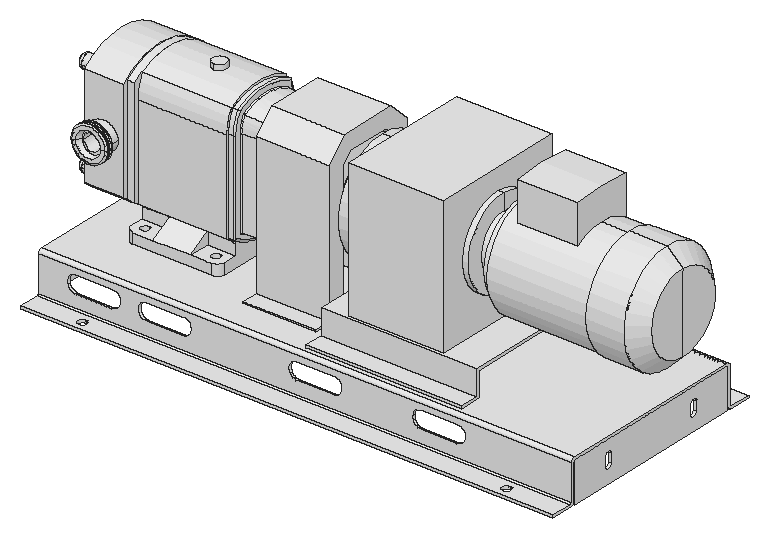
Revit family "MLP 20 - MR202 - Lobe Pump ", category Specialty Equipment, Revit 2022
Family settings
  Round Connector Dimension = Use Diameter
  Part Type = Normal
  Work Plane-Based = No
  Always vertical = Yes
  Cut with Voids When Loaded = No
  Maintain Annotation Orientation = No
  Shared = No
  Room Calculation Point = No
Parameters (values of type "MLP 20 - 0.75kW")
  URL = "https://en.ekinendustriyel.com/lobe-pumps/lobe-pumps"
  Pressure = 20.0 bar  # constant formula
  Motor Power = 0.75 kW  # constant formula
  Model = "MLP-20 TUL - MR202"
  Manufacturer = "Ekin Endüstriyel"
  Keynote = "Double Serpentine Heater Tank"
  Flow = 2.0 m³/h  # constant formula
  Description = "MIT MLP 20 - Lobe Pump"
  Default Elevation = 0"
Reference planes (in)
  plane 1 "Center (Front/Back)": y = 0
  plane 2: z = 0
  plane 3 "Center (Left/Right)": x = 0
Forms (in)
  Extrusion 1, solid, material "Ekin Endüstriyel_StainlesSteel", detail levels medium+fine
    sketch origin (0, 0, 0) x (1, 0, 0) y (0, 1, 0)
      loop
        arc (-2.94291, -2.16535) -> (-2.8276, -2.44374) -> (-2.54921, -2.55906) r 0.3937
        line (-2.54921, -2.55906) -> (1.86024, -2.55906)
        arc (1.86024, -2.55906) -> (2.13862, -2.44374) -> (2.25394, -2.16535) r 0.3937
        line (2.25394, -2.16535) -> (2.25394, 2.16535)
        arc (2.25394, 2.16535) -> (2.13862, 2.44374) -> (1.86024, 2.55906) r 0.3937
        line (1.86024, 2.55906) -> (-2.54921, 2.55906)
        arc (-2.54921, 2.55906) -> (-2.8276, 2.44374) -> (-2.94291, 2.16535) r 0.3937
        line (-2.94291, 2.16535) -> (-2.94291, -2.16535)
      loop
        circle (-2.31299, 1.9685) r 0.23622
      loop
        circle (1.62402, 1.9685) r 0.23622
      loop
        circle (1.62402, -1.9685) r 0.23622
      loop
        circle (-2.31299, -1.9685) r 0.23622
    from 0 to 0.59055
  Extrusion 2, solid, material "Ekin Endüstriyel_StainlesSteel", detail levels medium+fine
    sketch origin (0, 0, 0) x (0, 1, 0) y (0, 0, 1)
      loop
        arc (2.55906, 7.79528) -> (0, 8.77953) -> (-2.55906, 7.79528) r 3.8189
        line (-2.55906, 7.79528) -> (-2.55906, 2.12598)
        arc (-2.55906, 2.12598) -> (0, 1.14173) -> (2.55906, 2.12598) r 3.8189
        line (2.55906, 2.12598) -> (2.55906, 7.79528)
    from -3.04134 to -5.20669
  Extrusion 3, solid, material "Ekin Endüstriyel_StainlesSteel", detail levels medium+fine
    sketch origin (0, 0, 0) x (0, 1, 0) y (0, 0, 1)
      loop
        arc (-2.3622, 1.95997) -> (0, 1.14173) -> (2.3622, 1.95997) r 3.8189
        line (2.3622, 1.95997) -> (2.3622, 7.96129)
        arc (2.3622, 7.96129) -> (0, 8.77953) -> (-2.3622, 7.96129) r 3.8189
        line (-2.3622, 7.96129) -> (-2.3622, 1.95997)
    from -3.04134 to -2.5689
  Extrusion 4, solid, material "Ekin Endüstriyel_StainlesSteel", detail levels medium+fine
    sketch origin (0, 0, 0) x (0, 1, 0) y (0, 0, 1)
      loop
        arc (-1.88976, 8.27918) -> (-2.12471, 7.68993) -> (-2.20472, 7.06063) r 2.51469
        line (-2.20472, 7.06063) -> (-2.20472, 1.84243)
        arc (-2.20472, 1.84243) -> (0, 1.14173) -> (2.20472, 1.84243) r 3.8189
        line (2.20472, 1.84243) -> (2.20472, 6.68734)
        arc (2.20472, 6.68734) -> (2.12523, 7.49869) -> (1.88976, 8.27918) r 4.18012
        arc (1.88976, 8.27918) -> (0, 8.77953) -> (-1.88976, 8.27918) r 3.8189
    from -2.5689 to 2.41142
  Sweep 5, solid, material "Ekin Endüstriyel_StainlesSteel", detail levels medium+fine
    path in 3D
      loop
        arc (2.41142, 1.88976, 8.27918) -> (2.41142, 2.12523, 7.49869) -> (2.41142, 2.20472, 6.68734) r 4.18012
        line (2.41142, 2.20472, 6.68734) -> (2.41142, 2.20472, 1.84243)
        arc (2.41142, 2.20472, 1.84243) -> (2.41142, 0, 1.14173) -> (2.41142, -2.20472, 1.84243) r 3.8189
        line (2.41142, -2.20472, 1.84243) -> (2.41142, -2.20472, 7.06063)
        arc (2.41142, -2.20472, 7.06063) -> (2.41142, -2.12471, 7.68993) -> (2.41142, -1.88976, 8.27918) r 2.51469
        arc (2.41142, -1.88976, 8.27918) -> (2.41142, 0, 8.77953) -> (2.41142, 1.88976, 8.27918) r 3.8189
    profile origin (2.41142, 0, 8.77953) x (0, 0, 1) y (1, 0, 0)
      loop
        line (-0.07874, 0) -> (-0.07874, 0.31563)
        arc (-0.07874, 0.31563) -> (-0.10153, 0.37065) -> (-0.15655, 0.39344) r 0.07781
        line (-0.15655, 0.39344) -> (-0.40821, 0.39344)
        arc (-0.40821, 0.39344) -> (-0.45543, 0.4118) -> (-0.47784, 0.45724) r 0.06989
        line (-0.47784, 0.45724) -> (-0.58988, 1.73784)
        arc (-0.58988, 1.73784) -> (-0.61512, 1.78903) -> (-0.66832, 1.80972) r 0.07874
        line (-0.66832, 1.80972) -> (-0.82285, 1.80972) -> (-0.82285, 0.55118) -> (-0.82285, 0) -> (-0.07874, 0)
  Extrusion 6, solid, material "Ekin Endüstriyel_StainlesSteel", detail levels medium+fine
    sketch origin (0, 0, 0) x (0, 1, 0) y (0, 0, 1)
      loop
        arc (-1.26597, 7.67608) -> (-1.35265, 7.37376) -> (-1.38188, 7.06063) r 1.69184
        line (-1.38188, 7.06063) -> (-1.38188, 2.3023)
        arc (-1.38188, 2.3023) -> (0, 1.96458) -> (1.38188, 2.3023) r 2.99605
        line (1.38188, 2.3023) -> (1.38188, 6.68734)
        arc (1.38188, 6.68734) -> (1.34306, 7.1964) -> (1.2275, 7.69368) r 3.35728
        arc (1.2275, 7.69368) -> (-0.02115, 7.95661) -> (-1.26597, 7.67608) r 2.99605
    from 2.41142 to 4.96598
  Revolve 7, solid, material "Ekin Endüstriyel_StainlesSteel", detail levels medium+fine
    sketch origin (0, 0, 2.37219) x (1, 0, 0) y (0, 1, 0)
      loop
        line (-5.20669, 1.96048) -> (-5.86006, 1.96048)
        arc (-5.86006, 1.96048) -> (-5.93689, 1.94951) -> (-6.00757, 1.91745) r 0.27436
        arc (-6.00757, 1.91745) -> (-6.14408, 1.77012) -> (-6.19094, 1.5748) r 0.39679
        line (-6.19094, 1.5748) -> (-5.20669, 1.5748) -> (-5.20669, 1.96048)
      axis (-5.20669, 1.5748) -> (-6.19094, 1.5748)
    angle from 0 to 360
  Revolve 8, solid, material "Ekin Endüstriyel_StainlesSteel", detail levels medium+fine
    sketch origin (0, 0, 7.55182) x (1, 0, 0) y (0, 1, 0)
      loop
        line (-5.20669, 1.96048) -> (-5.86006, 1.96048)
        arc (-5.86006, 1.96048) -> (-5.93689, 1.94951) -> (-6.00757, 1.91745) r 0.27436
        arc (-6.00757, 1.91745) -> (-6.14408, 1.77012) -> (-6.19094, 1.5748) r 0.39679
        line (-6.19094, 1.5748) -> (-5.20669, 1.5748) -> (-5.20669, 1.96048)
      axis (-5.20669, 1.5748) -> (-6.19094, 1.5748)
    angle from 0 to 360
  Revolve 9, solid, material "Ekin Endüstriyel_StainlesSteel", detail levels medium+fine
    sketch origin (0, 0, 2.37219) x (1, 0, 0) y (0, 1, 0)
      loop
        line (-5.20669, -1.96048) -> (-5.20669, -1.5748) -> (-6.19094, -1.5748)
        arc (-6.19094, -1.5748) -> (-6.14408, -1.77012) -> (-6.00757, -1.91745) r 0.39679
        arc (-6.00757, -1.91745) -> (-5.93689, -1.94951) -> (-5.86006, -1.96048) r 0.27436
        line (-5.86006, -1.96048) -> (-5.20669, -1.96048)
      axis (-5.20669, -1.5748) -> (-6.19094, -1.5748)
    angle from 0 to 360
  Revolve 10, solid, material "Ekin Endüstriyel_StainlesSteel", detail levels medium+fine
    sketch origin (0, 0, 7.55182) x (1, 0, 0) y (0, 1, 0)
      loop
        line (-5.20669, -1.96048) -> (-5.20669, -1.5748) -> (-6.19094, -1.5748)
        arc (-6.19094, -1.5748) -> (-6.14408, -1.77012) -> (-6.00757, -1.91745) r 0.39679
        arc (-6.00757, -1.91745) -> (-5.93689, -1.94951) -> (-5.86006, -1.96048) r 0.27436
        line (-5.86006, -1.96048) -> (-5.20669, -1.96048)
      axis (-5.20669, -1.5748) -> (-6.19094, -1.5748)
    angle from 0 to 360
  Extrusion 11, solid, material "Ekin Endüstriyel_StainlesSteel"
    sketch origin (-5.20669, 0, 0) x (0, -1, 0) y (0, 0, 1)
      loop
        circle (0, 4.96063) r 1.9685
    from 0 to 0.3937
  Extrusion 12, solid, material "Ekin Endüstriyel_StainlesSteel", detail levels fine
    sketch origin (4.22244, 0, 6.02362) x (0, 0, 1) y (0, 1, 0)
      loop
        circle (0, 0) r 0.43307
    from -1.83071 to 0.00131
  Extrusion 13, void
    sketch origin (-0.82677, 0, 0) x (1, 0, 0) y (0, 0, 1)
      loop
        line (6.87992, 6.13969) -> (5.69991, 6.13969)
        arc (5.69991, 6.13969) -> (5.5818, 6.02158) -> (5.69991, 5.90347) r 0.11811
        line (5.69991, 5.90347) -> (6.87992, 5.90347) -> (6.87992, 6.13969)
    from 0.19685 to 0.53788
  Extrusion 14, solid, material "Ekin Endüstriyel_StainlesSteel", detail levels medium+fine
    sketch origin (0, 0, 0) x (0, 1, 0) y (0, 0, 1)
      loop
        line (2.55906, 0.59055) -> (1.24375, 1.34994)
        arc (1.24375, 1.34994) -> (0, 1.14173) -> (-1.24375, 1.34994) r 3.8189
        line (-1.24375, 1.34994) -> (-2.55906, 0.59055) -> (2.55906, 0.59055)
    from -1.4119 to 0.68297
  Extrusion 15, solid, material "Ekin Endüstriyel_StainlesSteel", detail levels medium+fine
    sketch origin (0, 0, 0) x (0, 1, 0) y (0, 0, 1)
      loop
        line (1.33982, 1.29448) -> (1.24375, 1.34994)
        arc (1.24375, 1.34994) -> (0, 1.14173) -> (-1.24375, 1.34994) r 3.8189
        line (-1.24375, 1.34994) -> (-1.33985, 1.29446)
        arc (-1.33985, 1.29446) -> (-1.36774, 1.26657) -> (-1.37795, 1.22846) r 0.07621
        line (-1.37795, 1.22846) -> (-1.37795, 0.59055) -> (1.37795, 0.59055) -> (1.37795, 1.22843)
        arc (1.37795, 1.22843) -> (1.36774, 1.26656) -> (1.33982, 1.29448) r 0.07626
    from -2.94291 to 2.25394
  Extrusion 16, solid, material "Ekin Endüstriyel_StainlesSteel", detail levels medium+fine
    sketch origin (0, 0, 0) x (1, 0, 0) y (0, 1, 0)
      loop
        circle (0.24606, 0) r 0.3937
    from 8.7471 to 9.01575
  Extrusion 17, solid, material "Ekin Endüstriyel_StainlesSteel", detail levels medium
    sketch origin (0, 0, 0) x (1, 0, 0) y (0, 0, -1)
      loop
        arc (-3.68286, -4.84818) -> (-4.18286, -4.34892) -> (-4.68285, -4.84818) r 0.5
        arc (-4.68285, -4.84818) -> (-4.18286, -5.34744) -> (-3.68286, -4.84818) r 0.5
      loop
        circle (-4.18286, -4.84791) r 0.99283
    from 2.55906 to 3.60112
  Extrusion 18, solid, material "Ekin Endüstriyel_StainlesSteel", detail levels coarse+medium
    sketch origin (-5.20669, 0, 0) x (0, -1, 0) y (0, 0, 1)
      loop
        circle (-1.5748, 7.55182) r 0.38568
      loop
        circle (1.5748, 7.55182) r 0.38568
      loop
        circle (1.5748, 2.37219) r 0.38568
      loop
        circle (-1.5748, 2.37219) r 0.38568
    from 0 to 1.00934
  Extrusion 19, solid, material "Ekin Endüstriyel_StainlesSteel", detail levels coarse+medium
    sketch origin (4.22244, 0, 6.02362) x (0, 0, 1) y (0, 1, 0)
      loop
        circle (0, 0) r 0.43307
    from -1.83071 to 0.00131
  Extrusion 20, solid, material "Ekin Endüstriyel_StainlesSteel", detail levels coarse
    sketch origin (0, 0, 0) x (0, 1, 0) y (0, 0, 1)
      loop
        arc (2.55906, 7.79528) -> (0, 8.77953) -> (-2.55906, 7.79528) r 3.8189
        line (-2.55906, 7.79528) -> (-2.55906, 2.12598)
        arc (-2.55906, 2.12598) -> (0, 1.14173) -> (2.55906, 2.12598) r 3.8189
        line (2.55906, 2.12598) -> (2.55906, 7.79528)
    from 4.97047 to -5.20669
  Extrusion 21, solid, material "Ekin Endüstriyel_StainlesSteel", detail levels coarse
    sketch origin (0, 0, 0) x (1, 0, 0) y (0, 0, -1)
      loop
        circle (-4.18286, -4.84744) r 0.99283
    from 2.55906 to 3.60112
  Extrusion 22, solid, material "Ekin Endüstriyel_StainlesSteel", detail levels coarse
    sketch origin (0, 0, 0) x (1, 0, 0) y (0, 1, 0)
      loop
        arc (-2.94291, -2.16535) -> (-2.8276, -2.44374) -> (-2.54921, -2.55906) r 0.3937
        line (-2.54921, -2.55906) -> (1.86024, -2.55906)
        arc (1.86024, -2.55906) -> (2.13862, -2.44374) -> (2.25394, -2.16535) r 0.3937
        line (2.25394, -2.16535) -> (2.25394, 2.16535)
        arc (2.25394, 2.16535) -> (2.13862, 2.44374) -> (1.86024, 2.55906) r 0.3937
        line (1.86024, 2.55906) -> (-2.54921, 2.55906)
        arc (-2.54921, 2.55906) -> (-2.8276, 2.44374) -> (-2.94291, 2.16535) r 0.3937
        line (-2.94291, 2.16535) -> (-2.94291, -2.16535)
    from 0 to 0.59055
  Extrusion 23, solid, material "Ekin Endüstriyel_StainlesSteel", detail levels coarse
    sketch origin (0, 0, 0) x (0, 1, 0) y (0, 0, 1)
      loop
        line (1.33982, 1.29448) -> (1.24375, 1.34994)
        arc (1.24375, 1.34994) -> (0, 1.14173) -> (-1.24375, 1.34994) r 3.8189
        line (-1.24375, 1.34994) -> (-1.33985, 1.29446)
        arc (-1.33985, 1.29446) -> (-1.36774, 1.26657) -> (-1.37795, 1.22846) r 0.07621
        line (-1.37795, 1.22846) -> (-1.37795, 0.59055) -> (1.37795, 0.59055) -> (1.37795, 1.22843)
        arc (1.37795, 1.22843) -> (1.36774, 1.26656) -> (1.33982, 1.29448) r 0.07626
    from -2.94291 to 2.25394
  Revolve 24, solid, material "Ekin Endüstriyel_StainlesSteel", detail levels fine
    sketch origin (0, 0, 4.84744) x (1, 0, 0) y (0, 1, 0)
      loop
        line (-4.98373, -2.55906) -> (-4.98373, -3.18874) -> (-5.17654, -3.18874) -> (-5.09681, -3.23477) -> (-5.17569, -3.28031) -> (-5.09675, -3.32588) -> (-5.17569, -3.37146) -> (-5.09681, -3.417) -> (-5.17569, -3.46254) -> (-5.09681, -3.50808) -> (-5.17569, -3.55362) -> (-5.0934, -3.60112) -> (-4.87291, -3.60112) -> (-4.77298, -3.32656) -> (-4.65949, -3.32656) -> (-4.65949, -2.55906) -> (-4.98373, -2.55906)
      axis (-4.18286, -2.55906) -> (-4.18286, -3.60112)
    angle from 0 to 360
  Extrusion 25, solid, material "Ekin Endüstriyel_StainlesSteel", detail levels medium
    sketch origin (0, 0, 0) x (1, 0, 0) y (0, 0, 1)
      loop
        circle (-4.18286, 4.84744) r 0.5
      loop
        circle (-4.18286, 4.84791) r 0.99283
    from 2.55906 to 3.60112
  Extrusion 26, solid, material "Ekin Endüstriyel_StainlesSteel", detail levels coarse
    sketch origin (0, 0, 0) x (1, 0, 0) y (0, 0, 1)
      loop
        circle (-4.18286, 4.84744) r 0.99283
    from 2.55906 to 3.60112
  Revolve 27, solid, material "Ekin Endüstriyel_StainlesSteel", detail levels fine
    sketch origin (0, 0, 4.84744) x (1, 0, 0) y (0, 1, 0)
      loop
        line (-4.98373, 2.55906) -> (-4.68286, 2.55906) -> (-4.68286, 3.32656) -> (-4.77298, 3.32656) -> (-4.87291, 3.60112) -> (-5.0934, 3.60112) -> (-5.17569, 3.55362) -> (-5.09681, 3.50808) -> (-5.17569, 3.46254) -> (-5.09681, 3.417) -> (-5.17569, 3.37146) -> (-5.09675, 3.32588) -> (-5.17569, 3.28031) -> (-5.09681, 3.23477) -> (-5.17654, 3.18874) -> (-4.98373, 3.18874) -> (-4.98373, 2.55906)
      axis (-4.18286, 2.55906) -> (-4.18286, 3.60112)
    angle from 0 to 360
  Extrusion 28, solid, material "Ekin Endüstriyel_StainlesSteel"
    sketch origin (-0.70866, 0, 0) x (0, 1, 0) y (0, 0, 1)
      loop
        line (6.79134, -2.24409) -> (5.59055, -2.24409)
        arc (5.59055, -2.24409) -> (5.53487, -2.22103) -> (5.51181, -2.16535) r 0.07874
        line (5.51181, -2.16535) -> (5.51181, -0.19685)
        arc (5.51181, -0.19685) -> (5.45415, -0.05766) -> (5.31496, 0) r 0.19685
        line (5.31496, 0) -> (-5.31496, 0)
        arc (-5.31496, 0) -> (-5.45415, -0.05766) -> (-5.51181, -0.19685) r 0.19685
        line (-5.51181, -0.19685) -> (-5.51181, -2.16535)
        arc (-5.51181, -2.16535) -> (-5.53487, -2.22103) -> (-5.59055, -2.24409) r 0.07874
        line (-5.59055, -2.24409) -> (-6.79134, -2.24409) -> (-6.79134, -2.3622) -> (-5.59055, -2.3622)
        arc (-5.59055, -2.3622) -> (-5.45136, -2.30455) -> (-5.3937, -2.16535) r 0.19685
        line (-5.3937, -2.16535) -> (-5.3937, -0.19685)
        arc (-5.3937, -0.19685) -> (-5.37064, -0.14117) -> (-5.31496, -0.11811) r 0.07874
        line (-5.31496, -0.11811) -> (5.31496, -0.11811)
        arc (5.31496, -0.11811) -> (5.37064, -0.14117) -> (5.3937, -0.19685) r 0.07874
        line (5.3937, -0.19685) -> (5.3937, -2.16535)
        arc (5.3937, -2.16535) -> (5.45136, -2.30455) -> (5.59055, -2.3622) r 0.19685
        line (5.59055, -2.3622) -> (6.79134, -2.3622) -> (6.79134, -2.24409)
    from -4.71457 to 24.97047
  Extrusion 29, void
    sketch origin (-0.70866, -5.51181, -0.19685) x (0, 0, -1) y (1, 0, 0)
      loop
        line (0.29528, -0.62008) -> (0.29528, -2.58858)
        arc (0.29528, -2.58858) -> (0.7874, -3.08071) -> (1.27953, -2.58858) r 0.49213
        line (1.27953, -2.58858) -> (1.27953, -0.62008)
        arc (1.27953, -0.62008) -> (0.7874, -0.12795) -> (0.29528, -0.62008) r 0.49213
      loop
        arc (0.29528, 1.34843) -> (0.7874, 0.8563) -> (1.27953, 1.34843) r 0.49213
        line (1.27953, 1.34843) -> (1.27953, 3.31693)
        arc (1.27953, 3.31693) -> (0.7874, 3.80906) -> (0.29528, 3.31693) r 0.49213
        line (0.29528, 3.31693) -> (0.29528, 1.34843)
      loop
        line (0.29528, 11.70276) -> (0.29528, 9.73425)
        arc (0.29528, 9.73425) -> (0.7874, 9.24213) -> (1.27953, 9.73425) r 0.49213
        line (1.27953, 9.73425) -> (1.27953, 11.70276)
        arc (1.27953, 11.70276) -> (0.7874, 12.19488) -> (0.29528, 11.70276) r 0.49213
      loop
        arc (0.29528, 16.62402) -> (0.7874, 16.13189) -> (1.27953, 16.62402) r 0.49213
        line (1.27953, 16.62402) -> (1.27953, 18.59252)
        arc (1.27953, 18.59252) -> (0.7874, 19.08465) -> (0.29528, 18.59252) r 0.49213
        line (0.29528, 18.59252) -> (0.29528, 16.62402)
    from 0 to -11.02362
  Extrusion 30, solid, material "Ekin Endüstriyel_StainlesSteel", detail levels medium+fine
    sketch origin (23.96654, 0, 0) x (0, -1, 0) y (0, 0, 1)
      loop
        line (-5.31496, -2.3622) -> (5.31496, -2.3622) -> (5.31496, -0.11811) -> (-5.31496, -0.11811) -> (-5.31496, -2.3622)
      loop
        arc (-2.71654, -0.94488) -> (-2.95276, -0.70866) -> (-3.18898, -0.94488) r 0.23622
        line (-3.18898, -0.94488) -> (-3.18898, -1.41732)
        arc (-3.18898, -1.41732) -> (-2.95276, -1.65354) -> (-2.71654, -1.41732) r 0.23622
        line (-2.71654, -1.41732) -> (-2.71654, -0.94488)
      loop
        arc (3.18898, -0.94488) -> (2.95276, -0.70866) -> (2.71654, -0.94488) r 0.23622
        line (2.71654, -0.94488) -> (2.71654, -1.41732)
        arc (2.71654, -1.41732) -> (2.95276, -1.65354) -> (3.18898, -1.41732) r 0.23622
        line (3.18898, -1.41732) -> (3.18898, -0.94488)
    from -0.11811 to -0.29528
  Extrusion 31, void
    sketch origin (-0.70866, 0, 0) x (1, 0, 0) y (0, 1, 0)
      loop
        circle (21.93898, 6.24016) r 0.25591
      loop
        circle (-1.68307, 6.24016) r 0.25591
      loop
        circle (-1.68307, -6.24016) r 0.25591
      loop
        circle (21.93898, -6.24016) r 0.25591
    from -2.3622 to -2.24409
  Extrusion 32, solid, material "Ekin Endüstriyel_StainlesSteel", detail levels coarse
    sketch origin (-10.43801, 0, 0) x (1, 0, 0) y (0, 1, 0)
      loop
        line (4.85125, -6.79134) -> (34.69982, -6.79134) -> (34.69982, 6.79134) -> (4.85125, 6.79134) -> (4.85125, -6.79134)
    from 0 to -2.3622
  Extrusion 33, solid, material "Ekin Endüstriyel_StainlesSteel", detail levels medium+fine
    sketch origin (4.35808, 0, 0) x (0, 1, 0) y (0, 0, 1)
      loop
        line (-2.67923, 7.87349) -> (-2.67923, 0.05903) -> (-3.61548, 0.05903) -> (-3.61548, 0) -> (-1.72923, 0) -> (-1.72923, 7.47999) -> (-1.21364, 7.99558) -> (1.21372, 7.99558) -> (1.72931, 7.47999) -> (1.72931, 0) -> (3.61556, 0) -> (3.61556, 0.05903) -> (2.67931, 0.05903) -> (2.67931, 7.87349) -> (1.60722, 8.94558) -> (-1.60714, 8.94558) -> (-2.67923, 7.87349)
    from 0.09732 to 4.15561
  Extrusion 34, solid, material "Ekin Endüstriyel_StainlesSteel", detail levels coarse
    sketch origin (-10.43801, 0, 0) x (0, 1, 0) y (0, 0, 1)
      loop
        line (-5, 1.49606) -> (-5, 0) -> (5, 0) -> (5, 1.49606) -> (-5, 1.49606)
    from 19.50297 to 28.16438
  Extrusion 35, solid, material "Ekin Endüstriyel_StainlesSteel", detail levels coarse
    sketch origin (4.35808, 0, 0) x (0, 1, 0) y (0, 0, 1)
      loop
        line (-2.67923, 7.87349) -> (-2.67923, 0) -> (2.67931, 0) -> (2.67931, 7.87349) -> (1.60722, 8.94558) -> (-1.60714, 8.94558) -> (-2.67923, 7.87349)
    from 0.09732 to 4.15561
  Extrusion 36, solid, material "Ekin Endüstriyel_StainlesSteel", detail levels medium+fine
    sketch origin (-10.43801, 0, 0) x (0, 1, 0) y (0, 0, 1)
      loop
        line (-5, 0.11811) -> (-5, 0) -> (-3.8189, 0) -> (-3.8189, 1.37795) -> (3.8189, 1.37795) -> (3.8189, 0) -> (5, 0) -> (5, 0.11811) -> (3.93701, 0.11811) -> (3.93701, 1.49606) -> (-3.93701, 1.49606) -> (-3.93701, 0.11811) -> (-5, 0.11811)
    from 19.50297 to 28.16438
  Extrusion 37, solid, material "Ekin Endüstriyel_StainlesSteel", detail levels coarse
    sketch origin (2.14866, 0, 0) x (0, 1, 0) y (0, 0, 1)
      loop
        circle (-0.01526, 5.53107) r 3.05402
    from 13.67561 to 23.92156
  Extrusion 38, solid, material "Ekin Endüstriyel_StainlesSteel", detail levels coarse
    sketch origin (-10.43801, 0, 0) x (0, 1, 0) y (0, 0, 1)
      loop
        line (-3.74333, 1.49606) -> (3.8189, 1.49606) -> (3.8189, 9.11365) -> (-3.74333, 9.11365) -> (-3.74333, 1.49606)
    from 18.9517 to 26.1576
  Revolve 39, solid, material "Ekin Endüstriyel_StainlesSteel", detail levels medium+fine
    sketch origin (2.1676, -0.01526, 2.71777) x (0, 0, -1) y (1, 0, 0)
      loop
        line (-2.81331, 23.91825) -> (-5.01203, 23.91825) -> (-5.86733, 23.06295) -> (-5.86733, 20.95297) -> (-5.76618, 20.95297) -> (-5.76618, 15.36344) -> (-5.34866, 15.36344) -> (-5.34866, 14.85575) -> (-4.39481, 14.85575) -> (-4.39481, 13.9138) -> (-5.27384, 13.9138) -> (-5.27384, 13.552) -> (-2.81331, 13.552) -> (-2.81331, 23.91825)
      loop
        line (-5.86127, 7.15427) -> (-5.1787, 7.15427) -> (-5.1787, 6.68356) -> (-4.12902, 6.68356) -> (-4.12902, 6.50366) -> (-3.98107, 6.34609) -> (-2.81331, 6.34609) -> (-2.81331, 8.24348) -> (-5.93744, 8.24348) -> (-5.86127, 7.15427)
      axis (-2.81331, 6.34609) -> (-2.81331, 23.91825)
    angle from 0 to 360
  Extrusion 40, solid, material "Ekin Endüstriyel_StainlesSteel", detail levels medium+fine
    sketch origin (26.06691, -0.01526, 5.68732) x (0, 1, 0) y (0, 0, 1)
      loop
        line (-1.65858, 1.61342) -> (1.68951, 1.61342) -> (1.68951, 4.45259)
        arc (1.68951, 4.45259) -> (0.01468, 4.57839) -> (-1.65858, 4.43317) r 10.40797
        line (-1.65858, 4.43317) -> (-1.65858, 1.61342)
    from -7.88069 to -4.53406
  Extrusion 41, solid, material "Ekin Endüstriyel_StainlesSteel", detail levels medium+fine
    sketch origin (-10.43801, -2.75591, 1.49606) x (0, 1, 0) y (-1, 0, 0)
      loop
        line (6.5748, -26.1576) -> (6.5748, -20.84908) -> (-0.9731, -20.84908) -> (-0.9731, -26.1576) -> (6.5748, -26.1576)
    from 0 to 7.61758
  Extrusion 42, solid, material "Ekin Endüstriyel_StainlesSteel", detail levels medium+fine
    sketch origin (-5.54134, 0, 0) x (0, -1, 0) y (0, 0, 1)
      loop
        line (-5.31496, -2.3622) -> (5.31675, -2.3622) -> (5.31675, -0.11811) -> (-5.31496, -0.11811) -> (-5.31496, -2.3622)
      loop
        arc (-2.71654, -0.94488) -> (-2.95276, -0.70866) -> (-3.18898, -0.94488) r 0.23622
        line (-3.18898, -0.94488) -> (-3.18898, -1.41732)
        arc (-3.18898, -1.41732) -> (-2.95276, -1.65354) -> (-2.71654, -1.41732) r 0.23622
        line (-2.71654, -1.41732) -> (-2.71654, -0.94488)
      loop
        arc (3.18898, -0.94488) -> (2.95276, -0.70866) -> (2.71654, -0.94488) r 0.23622
        line (2.71654, -0.94488) -> (2.71654, -1.41732)
        arc (2.71654, -1.41732) -> (2.95276, -1.65354) -> (3.18898, -1.41732) r 0.23622
        line (3.18898, -1.41732) -> (3.18898, -0.94488)
    from -0.11811 to -0.29528
Cuts and joins
  joined: Sweep 5, Extrusion 6
  Extrusion 13 cuts Extrusion 12
  joined: Extrusion 3, Extrusion 4, Extrusion 16
  joined: Extrusion 1, Extrusion 14, Extrusion 15
  Extrusion 29, Extrusion 31 cuts Extrusion 28
  joined: Revolve 39, Extrusion 40
Lines and regions (in)
  sketch lines
    curve 1: arc (2.41142, -1.88976, 8.27918) -> (2.41142, 0, 8.77953) -> (2.41142, 1.88976, 8.27918) r 3.8189
    curve 2: arc (2.41142, -2.20472, 7.06063) -> (2.41142, -2.12471, 7.68993) -> (2.41142, -1.88976, 8.27918) r 2.51469
    curve 3: line (2.41142, -2.20472, 7.06063) -> (2.41142, -2.20472, 1.84243)
    curve 4: arc (2.41142, 2.20472, 1.84243) -> (2.41142, 0, 1.14173) -> (2.41142, -2.20472, 1.84243) r 3.8189
    curve 5: line (2.41142, 2.20472, 1.84243) -> (2.41142, 2.20472, 6.68734)
    curve 6: arc (2.41142, 1.88976, 8.27918) -> (2.41142, 2.12523, 7.49869) -> (2.41142, 2.20472, 6.68734) r 4.18012
Dimensions and locks (in)
  aligned and locked: level to plane 2
Connectors (in)
  piping at (-4.18286, 3.60112, 4.84818), diameter 1
    settings: on Extrusion 17, index 2, connector inside diameter 609.6 mm, connector length 0", flow factor 0, pipe flow 0.0 m³/h, pressure drop 0.0 bar, fitting loss kfactor 0, connector angle 0.00°, fixture units 0, engagement length 0", angle of deflection 0.00°, flow configuration 0, flow direction 0, fitting loss method 0, system type 7, joint type 0, gender type 0, connector reference index -1, connector utility 0, adjustable connector no, is connector primary yes, connector description ""
  piping at (-4.18286, -3.60112, 4.84744), diameter 1
    settings: on Extrusion 25, index 3, connector inside diameter 609.6 mm, connector length 0", flow factor 0, pipe flow 0.0 m³/h, pressure drop 0.0 bar, fitting loss kfactor 0, connector angle 0.00°, fixture units 0, engagement length 0", angle of deflection 0.00°, flow configuration 0, flow direction 0, fitting loss method 0, system type 7, joint type 0, gender type 0, connector reference index -1, connector utility 0, adjustable connector no, is connector primary no, connector description ""
